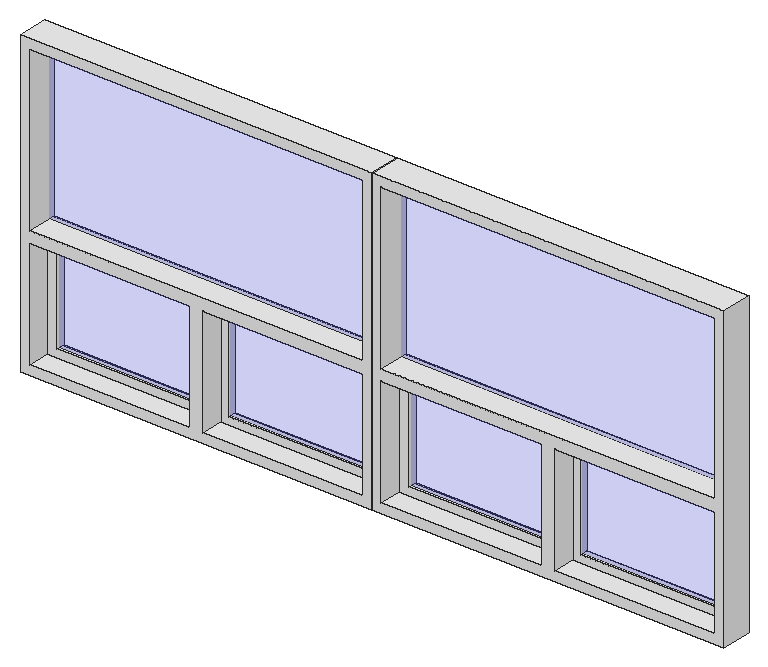
Revit family
Parameters (values of type "AW11")
  창 두께 = 150 mm
  창 패널 = AW11 창 패널
  창 프레임 = AW11 창 프레임
  Height = 1500 mm
  절반 창 두께 = 창 두께 / 2  # 75 mm
  절반 폭 = Width / 2  # 1750 mm
  기본 씰 높이 = 900 mm
  Wall Closure = (empty or 0)
  Width = 3500 mm
Types (4, lengths in mm): name | 창 패널 | 창 프레임 | Height | 절반 폭 | 기본 씰 높이 | Width
  (no name) | AW11 창 패널 | AW11 창 프레임 | 1500 | 1750 | 900 | 3500
  AW11 | AW11 창 패널 | AW11 창 프레임 | 1500 | 1750 | 900 | 3500
  AW12 | AW12 창 패널 | AW12 창 프레임 | 1500 | 1500 | 900 | 3000
  AW13 | AW13 창 패널 | AW13 창 프레임 | 2100 | 1500 | 600 | 3000
Reference planes
  plane 1: y = 0
  plane 2 "중심(왼쪽/오른쪽)": x = -1750
  plane 3 "왼쪽": x = -3500
  plane 4 "오른쪽": x = 0
  plane 5 "씰": z = 900
  plane 6 "헤드": z = 2400
  plane 7 "외부": y = 100
  plane 8 "내부": y = -100
  plane 9: y = 75
  plane 10: y = -75
  plane 11: y = 35
  plane 12: x = -3455
  plane 13: x = -45
  plane 14: x = -3445
  plane 15: x = -55
  plane 16: z = 1500
  plane 17: z = 1490
  plane 18: z = 1545
  plane 19: y = 55
  plane 20: y = 66
  plane 21: y = 44
  plane 22: y = -11
  plane 23: y = 11
  plane 24: x = -1772.5
  plane 25: x = -1727.5
  plane 26: x = -1782.5
  plane 27: x = -1717.5
  plane 28: x = -2625
  plane 29: x = -875
  plane 30: x = -2657.5
  plane 31: x = -2592.5
  plane 32: x = -2647.5
  plane 33: x = -2602.5
  plane 34: x = -907.5
  plane 35: x = -842.5
  plane 36: x = -897.5
  plane 37: x = -852.5
  plane 38: x = -437.5
  plane 39: x = -1312.5
  plane 40: x = -2187.5
  plane 41: x = -3062.5
Lines and regions (mm)
  symbolic lines, style "입면도 스윙"
    curve 1: line (-1727.5, 75, 945) -> (-1782.5, 75, 945)
  symbolic lines
    curve 2: line (-3500, 75, 0) -> (-1705, 75, 0)
    curve 3: line (-3500, 0, 0) -> (-1795, 0, 0)
    curve 4: line (-3500, -75, 0) -> (-1705, -75, 0)
    curve 5: line (-1705, 75, 0) -> (0, 75, 0)
    curve 6: line (-1705, 0, 0) -> (0, 0, 0)
    curve 7: line (-1705, -75, 0) -> (0, -75, 0)
    curve 8: line (-1795, 75, 0) -> (-1795, -75, 0)
    curve 9: line (-1705, 75, 0) -> (-1705, -75, 0)
    curve 10: line (-3500, 100, 0) -> (-3500, -100, 0)
    curve 11: line (0, 100, 0) -> (0, -100, 0)
Text (mm)
  text "외부" at (-1963.203, 1332.353, 0), in view "참조 레벨"
  text "내부" at (-1981.466, -818.386, 0), in view "참조 레벨"
  text "외부" at (0, 923.751, 2943.296), in view "오른쪽"
  text "외부" at (0, 1040.484, 2685.409), in view "왼쪽"
Dimensions and locks
  equal spacing: plane 3 "왼쪽", plane 2 "중심(왼쪽/오른쪽)", plane 4 "오른쪽"
  "Width": plane 3 "왼쪽" to plane 4 "오른쪽"
  "Height": plane 5 "씰" to plane 6 "헤드"
  "기본 씰 높이": plane 5 "씰" to level
  locked: plane 7 "외부" to host wall at 0
  locked: plane 8 "내부" to host wall
  plane 17 to plane 16 to plane 18 = 10 mm locked, 45 mm locked
  plane 9 to plane 19 to plane 11 = 20 mm locked, 20 mm locked
  plane 20 to plane 19 to plane 21 = 11 mm locked, 11 mm locked
  plane 23 to host wall to plane 22 = 11 mm locked, 11 mm locked
  plane 3 "왼쪽" to plane 12 to plane 14 = 45 mm locked, 10 mm locked
  plane 15 to plane 13 to plane 4 "오른쪽" = 10 mm locked, 45 mm locked
  plane 24 to plane 2 "중심(왼쪽/오른쪽)" to plane 25 = 22.5 mm locked, 22.5 mm locked
  locked: plane 26 to plane 24 at 10
  locked: plane 25 to plane 27 at 10
  locked: plane 5 "씰" to plane 16 at 600
  equal spacing: plane 3 "왼쪽", plane 28, plane 2 "중심(왼쪽/오른쪽)"
  equal spacing: plane 2 "중심(왼쪽/오른쪽)", plane 29, plane 4 "오른쪽"
  plane 30 to plane 32 to plane 28 to plane 33 to plane 31 = 10 mm locked, 22.5 mm locked, 22.5 mm locked, 10 mm locked
  plane 34 to plane 36 to plane 29 to plane 37 to plane 35 = 10 mm locked, 22.5 mm locked, 22.5 mm locked, 10 mm locked
  equal spacing: plane 2 "중심(왼쪽/오른쪽)", plane 40, plane 28
  equal spacing: plane 28, plane 41, plane 3 "왼쪽"
  equal spacing: plane 29, plane 38, plane 4 "오른쪽"
  equal spacing: plane 2 "중심(왼쪽/오른쪽)", plane 39, plane 29
  "절반 창 두께": plane 9 to host wall
  "절반 창 두께": host wall to plane 10
  group 2 to group 1 = 1750 mm
  group 1 to group 2 = 0 mm  (x2)
  aligned and locked: nested 1 to plane 5 "씰"
  aligned and locked: plane 4 "오른쪽" to nested 1
  aligned and locked: plane 3 "왼쪽" to nested 2
  aligned and locked: nested 2 to plane 5 "씰"
  aligned and locked: plane 3 "왼쪽" to curve 2
  aligned and locked: nested 2 to curve 3
  aligned and locked: curve 2 to plane 9
  aligned and locked: host wall to curve 3
  aligned and locked: curve 4 to plane 10
  aligned and locked: curve 10 to plane 8 "내부"
  aligned and locked: nested 2 to curve 8
  aligned and locked: nested 1 to curve 6
  aligned and locked: plane 4 "오른쪽" to curve 7
  aligned and locked: host wall to curve 6
  aligned and locked: plane 10 to curve 9
  aligned and locked: plane 9 to curve 9
  aligned and locked: nested 1 to curve 9
  aligned and locked: plane 8 "내부" to curve 11
  aligned and locked: plane 7 "외부" to curve 11
  aligned and locked: plane 4 "오른쪽" to curve 11
  aligned and locked: plane 3 "왼쪽" to curve 10
Automatic sketch dimensions
  curve 1 to plane 25 = 0 mm
  curve 1 to plane 26 = 0 mm
  curve 1 to plane 5 "씰" = 45 mm
  curve 10 to host wall = 0 mm
Nested families
  nested 1: "AW9 2" at (-875, 0, 0) x (-1, 0, 0) z (0, 0, 1), type "AW9"
  nested 2: "AW9 2" at (-2625, 0, 0) x (-1, 0, 0) z (0, 0, 1), type "AW9"
Definition of nested family "AW9 2"
  Parameters (values of type "AW9-1")
    창 두께 = 100 mm
    창 패널 = AW9 창 패널
    창 프레임 = AW9 창 프레임
    Height = 1500 mm
    절반 창 두께 = 창 두께 / 2  # 50 mm
    기본 씰 높이 = 900 mm
    Wall Closure = (empty or 0)
    Width = 1500 mm
    Assembly Code = ""
  Types (2, lengths in mm): name | 창 두께 | 창 패널 | 창 프레임 | 절반 창 두께 | Width
    AW9 | 150 | AW11 창 패널 | AW11 창 프레임 | 75 | 1750
    AW9-1 | 100 | AW9 창 패널 | AW9 창 프레임 | 50 | 1500
  Reference planes
    plane 1: y = 0
    plane 2 "중심(왼쪽/오른쪽)": x = 0
    plane 3 "왼쪽": x = -750
    plane 4 "오른쪽": x = 750
    plane 5 "씰": z = 900
    plane 6 "헤드": z = 2400
    plane 7 "외부": y = 100
    plane 8 "내부": y = -100
    plane 9: y = 50
    plane 10: y = -50
    plane 11: y = 10
    plane 12: x = -705
    plane 13: x = 705
    plane 14: x = -695
    plane 15: x = 695
    plane 16: z = 1500
    plane 17: z = 1490
    plane 18: z = 1545
    plane 19: y = 30
    plane 20: y = 41
    plane 21: y = 19
    plane 22: y = -11
    plane 23: y = 11
    plane 24: x = -22.5
    plane 25: x = 22.5
    plane 26: x = -32.5
    plane 27: x = 32.5
    plane 28: z = 2355
    plane 29: z = 945
    plane 30: x = 655
    plane 31: z = 1450
    plane 32: x = -655
    plane 33: z = 985
    plane 34: x = 72.5
    plane 35: x = -72.5
    plane 36: x = 368.75
    plane 37: x = -368.75
  Forms (mm)
    Extrusion 1, solid, material "AW9 창 프레임" <- "창 프레임"
      sketch origin (-2000, 50, 1000) x (-1, 0, 0) y (0, 0, 1)
        loop
          line (-2750, 1400) -> (-2750, -100) -> (-1250, -100) -> (-1250, 1400) -> (-2750, 1400)
        loop
          line (-2705, 1355) -> (-2705, 545) -> (-1295, 545) -> (-1295, 1355) -> (-2705, 1355)
        loop
          line (-2705, -55) -> (-2032.5, -55) -> (-2032.5, 490) -> (-2705, 490) -> (-2705, -55)
        loop
          line (-1295, -55) -> (-1295, 490) -> (-1967.5, 490) -> (-1967.5, -55) -> (-1295, -55)
      from -100 to 0
    Extrusion 2, solid, material "AW9 창 프레임" <- "창 프레임"
      sketch origin (-2000, 50, 1000) x (-1, 0, 0) y (0, 0, 1)
        loop
          line (-2705, 490) -> (-2705, -55) -> (-2032.5, -55) -> (-2032.5, 490) -> (-2705, 490)
        loop
          line (-1967.5, 490) -> (-1967.5, -55) -> (-1295, -55) -> (-1295, 490) -> (-1967.5, 490)
        loop
          line (-2655, 450) -> (-2655, -15) -> (-2072.5, -15) -> (-2072.5, 450) -> (-2655, 450)
        loop
          line (-1927.5, 450) -> (-1927.5, -15) -> (-1345, -15) -> (-1345, 450) -> (-1927.5, 450)
      from -40 to 0
    Extrusion 3, solid, material "AW9 창 패널" <- "창 패널"
      sketch origin (-2000, 50, 1000) x (-1, 0, 0) y (0, 0, 1)
        loop
          line (-2705, 1355) -> (-2705, 545) -> (-1295, 545) -> (-1295, 1355) -> (-2705, 1355)
        loop
          line (-2655, 450) -> (-2655, -15) -> (-2072.5, -15) -> (-2072.5, 450) -> (-2655, 450)
        loop
          line (-1927.5, 450) -> (-1927.5, -15) -> (-1345, -15) -> (-1345, 450) -> (-1927.5, 450)
      from -31 to -9
  Lines and regions (mm)
    Opening 1
      outline origin (3500, -100, 0) x (1, 0, 0) y (0, 0, 1)
        loop
          line (-2750, 900) -> (-2750, 2400) -> (-4250, 2400) -> (-4250, 900) -> (-2750, 900)
    symbolic lines, style "입면도 스윙"
      curve 1: line (368.75, 50, 1490) -> (705, 50, 945)
      curve 2: line (368.75, 50, 1490) -> (32.5, 50, 945)
      curve 3: line (-32.5, 50, 945) -> (-368.75, 50, 1490)
      curve 4: line (-368.75, 50, 1490) -> (-705, 50, 945)
    symbolic lines
      curve 5: line (-750, 50, 0) -> (750, 50, 0)
      curve 6: line (-705, 0, 0) -> (705, 0, 0)
      curve 7: line (-750, -50, 0) -> (750, -50, 0)
      curve 8: line (-705, 50, 0) -> (-705, -50, 0)
      curve 9: line (705, 50, 0) -> (705, -50, 0)
  Text (mm)
    text "외부" at (-1963.203, 1332.353, 0), in view "참조 레벨"
    text "내부" at (-1981.466, -818.386, 0), in view "참조 레벨"
    text "외부" at (0, 923.751, 2943.296), in view "오른쪽"
    text "외부" at (0, 1040.484, 2685.409), in view "왼쪽"
  Dimensions and locks
    equal spacing: plane 3 "왼쪽", plane 2 "중심(왼쪽/오른쪽)", plane 4 "오른쪽"
    "Width": plane 3 "왼쪽" to plane 4 "오른쪽"
    "Height": plane 5 "씰" to plane 6 "헤드"
    locked: plane 7 "외부" to host wall at 0
    locked: plane 8 "내부" to host wall
    plane 17 to plane 16 to plane 18 = 10 mm locked, 45 mm locked
    plane 9 to plane 19 to plane 11 = 20 mm locked, 20 mm locked
    plane 20 to plane 19 to plane 21 = 11 mm locked, 11 mm locked
    plane 23 to host wall to plane 22 = 11 mm locked, 11 mm locked
    plane 3 "왼쪽" to plane 12 to plane 14 = 45 mm locked, 10 mm locked
    plane 15 to plane 13 to plane 4 "오른쪽" = 10 mm locked, 45 mm locked
    plane 24 to plane 2 "중심(왼쪽/오른쪽)" to plane 25 = 22.5 mm locked, 22.5 mm locked
    locked: plane 26 to plane 24 at 10
    locked: plane 25 to plane 27 at 10
    locked: plane 5 "씰" to plane 16 at 600
    "절반 창 두께": plane 9 to plane 1
    "절반 창 두께": plane 10 to plane 1
    "기본 씰 높이": level to plane 5 "씰"
    locked: plane 28 to plane 6 "헤드" at 45
    locked: plane 5 "씰" to plane 29 at 45
    locked: plane 30 to plane 15 at 40
    locked: plane 31 to plane 17 at 40
    locked: plane 14 to plane 32 at 40
    locked: plane 29 to plane 33 at 40
    locked: plane 34 to plane 27 at 40
    locked: plane 26 to plane 35 at 40
    equal spacing: plane 27, plane 36, plane 13
    equal spacing: plane 26, plane 37, plane 12
    aligned and locked: plane 6 "헤드" to Extrusion 1 sketch curve
    aligned and locked: plane 4 "오른쪽" to Extrusion 1 sketch curve
    aligned and locked: Extrusion 1 sketch curve to plane 5 "씰"
    aligned and locked: Extrusion 1 sketch curve to plane 3 "왼쪽"
    aligned and locked: Extrusion 1 sketch curve to plane 28
    aligned and locked: plane 13 to Extrusion 1 sketch curve  (x2)
    aligned and locked: plane 29 to Extrusion 1 sketch curve  (x2)
    aligned and locked: Extrusion 1 sketch curve to plane 12
    aligned and locked: plane 18 to Extrusion 1 sketch curve
    aligned and locked: plane 12 to Extrusion 1 sketch curve
    aligned and locked: plane 17 to Extrusion 1 sketch curve  (x2)
    aligned and locked: plane 27 to Extrusion 1 sketch curve
    aligned and locked: plane 26 to Extrusion 1 sketch curve
    aligned and locked: Extrusion 1 to plane 10
    aligned and locked: plane 9 to Extrusion 1
    aligned and locked: plane 17 to Extrusion 2 sketch curve  (x2)
    aligned and locked: plane 13 to Extrusion 2 sketch curve
    aligned and locked: plane 29 to Extrusion 2 sketch curve  (x2)
    aligned and locked: plane 27 to Extrusion 2 sketch curve
    aligned and locked: Extrusion 2 sketch curve to plane 31  (x2)
    aligned and locked: plane 30 to Extrusion 2 sketch curve
    aligned and locked: plane 33 to Extrusion 2 sketch curve  (x2)
    aligned and locked: Extrusion 2 sketch curve to plane 34
    aligned and locked: Extrusion 2 sketch curve to plane 26
    aligned and locked: Extrusion 2 sketch curve to plane 12
    aligned and locked: plane 35 to Extrusion 2 sketch curve
    aligned and locked: Extrusion 2 sketch curve to plane 32
    aligned and locked: Extrusion 2 to plane 9
    aligned and locked: Extrusion 2 to plane 11
    aligned and locked: Extrusion 3 sketch curve to plane 28
    aligned and locked: plane 13 to Extrusion 3 sketch curve
    aligned and locked: Extrusion 3 sketch curve to plane 18
    aligned and locked: Extrusion 3 sketch curve to plane 12
    aligned and locked: Extrusion 3 sketch curve to plane 31  (x2)
    aligned and locked: plane 30 to Extrusion 3 sketch curve
    aligned and locked: plane 33 to Extrusion 3 sketch curve  (x2)
    aligned and locked: Extrusion 3 sketch curve to plane 34
    aligned and locked: plane 35 to Extrusion 3 sketch curve
    aligned and locked: Extrusion 3 sketch curve to plane 32
    aligned and locked: Extrusion 3 to plane 21
    aligned and locked: plane 20 to Extrusion 3
    aligned and locked: plane 36 to curve 1
    aligned and locked: plane 29 to curve 1
    aligned and locked: plane 13 to curve 1
    aligned and locked: plane 17 to curve 2
    aligned and locked: plane 27 to curve 2
    aligned and locked: plane 29 to curve 2
    aligned and locked: plane 17 to curve 3
    aligned and locked: plane 37 to curve 3
    aligned and locked: plane 29 to curve 3
    aligned and locked: plane 26 to curve 3
    aligned and locked: plane 29 to curve 4
    aligned and locked: plane 12 to curve 4
    aligned and locked: plane 9 to curve 8
    aligned and locked: plane 10 to curve 8
    aligned and locked: plane 12 to curve 8
    aligned and locked: plane 3 "왼쪽" to curve 5
    aligned and locked: plane 3 "왼쪽" to curve 7
    aligned and locked: plane 12 to curve 6
    aligned and locked: plane 4 "오른쪽" to curve 5
    aligned and locked: plane 4 "오른쪽" to curve 7
    aligned and locked: plane 13 to curve 6
    aligned and locked: plane 13 to curve 9
    aligned and locked: curve 5 to plane 9
    aligned and locked: host wall to curve 6
    aligned and locked: curve 7 to plane 10
  Automatic sketch dimensions
    Opening 1 sketch curve to plane 3 "왼쪽" = 0 mm
    Opening 1 sketch curve to plane 4 "오른쪽" = 0 mm
    Opening 1 sketch curve to plane 5 "씰" = 0 mm
    Opening 1 sketch curve to plane 6 "헤드" = 0 mm
    Extrusion 1 sketch curve to plane 17 = 0 mm
    Extrusion 1 sketch curve to plane 29 = 0 mm
